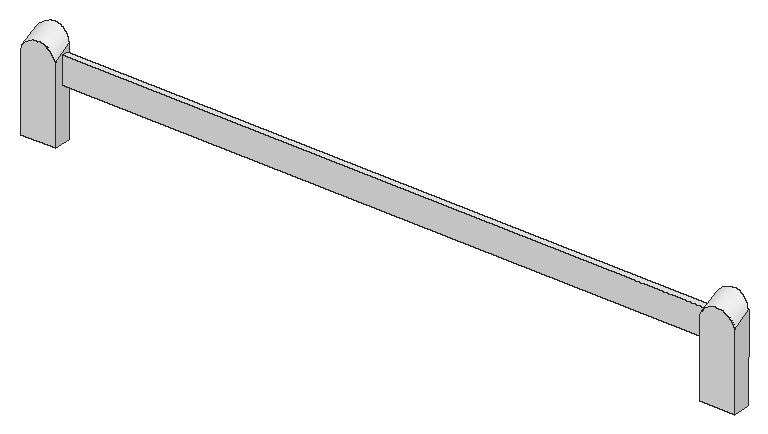
Revit family "Towel-Bar_Contemporary_Soiree_YB960_TOTO", category Furniture, host Face, Revit 2013
Parameters (values of type "YH784")
  ecoScorecard_data = " "
  ecoScorecard Product Page = "  "
  Width = 25.37402"  # constant formula
  Warranty URL = "http://www.totousa.com/warranty-registration"
  Warranty = "Lifetime Limited Warranty (Residential Use), One Year Limited (Commercial Use)"  # constant formula
  URL = "http://www.totousa.com"
  Toto BIM Number = "BM-00217"  # constant formula
  Subcategory = "Accessories"  # constant formula
  Style = "Contemporary"  # constant formula
  Spec Sheet URL = "http://assets.totousa.com/product-files/SS-00061_SOIREE%20ACCESSORIES.pdf"
  Shipping Weight = 2.00 lbf
  Series = "Soiree"  # constant formula
  Product Page URL = " "
  Parts Manual URL = " "
  Owners Manual URL = "  "
  Model = "YB960"  # constant formula
  Manufacturer Toll Free Phone = "1-888-295-8134"  # constant formula
  Manufacturer Phone = "(770) 282-8686 "  # constant formula
  Manufacturer Fax = "(770) 282-0002"  # constant formula
  Manufacturer Email = "mailto:custservice@totousa.com "
  Manufacturer Address = "1155 Southern Road, Morrow, Georgia 30260"  # constant formula
  Manufacturer = "TOTO USA, Inc."  # constant formula
  Height = 3/4"  # constant formula
  Finish = Metal - TOTO - Chrome - Polished
  Description = "Towel Bar"  # constant formula
  Depth = 3 1/2"  # constant formula
  Default Elevation = 48"
  Cost Info = "mailto:custservice@totousa.com "
  Color Availability = "#CP  Polished Chrome, #BN  Brushed Nickel, #PN  Polished Nickel"  # constant formula
  CAD Drawing URL = "http://assets.totousa.com/product-files/AD-00091_YB960.dxf"
  Assembly Code = "C1030200"
  95 CSI = "10800"
  04 CSI = "10 28 00"
Reference planes (in)
  plane 1 "Center (Front/Back)": y = 0
  plane 2: z = 0
  plane 3 "Center (Left/Right)": x = 0
  plane 4: x = -12.68701
  plane 5: x = 12.68701
  plane 6: x = -11.43504
  plane 7: x = 11.43504
  plane 8: z = 3.5
  plane 9: z = 2.84389
  plane 10: z = 1.89114
  plane 11: x = -12.06102
  plane 12: x = 12.06102
  plane 13: y = -0.37402
  plane 14: y = 0.37598
Dimensions and locks (in)
  "Width": plane 5 to plane 4
  equal spacing: plane 5, plane 3 "Center (Left/Right)", plane 4
  "Height": plane 13 to plane 14
  "Depth": plane 8 to plane 2
  locked: plane 9 to plane 10 at 0.95276
  locked: plane 10 to plane 2 at 1.89114
  aligned and locked: plane 2 to host face
  aligned and locked: level to host face
  aligned and locked: plane 3 "Center (Left/Right)" to nested 1
Automatic sketch dimensions
  host sketch curve to host sketch curve = 27.18043"
  host sketch curve to host sketch curve = 3.43432"
Nested families (in)
  nested 1: "YB960" at (0, 0, 0), type "YB960"
Definition of nested family "YB960"
  Parameters (values of type "YB960")
    ecoScorecard_data = ""
    ecoScorecard Product Page = ""
    Width = 25.37402"  # constant formula
    Warranty URL = "http://www.totousa.com/Support/WarrantyInformation.aspx"
    Warranty = "Lifetime Limited Warranty (Residential Use), One Year Limited (Commercial Use)"  # constant formula
    URL = "http://www.totousa.com"
    Toto BIM Number = "BM-00217"  # constant formula
    Subcategory = "Accessories"  # constant formula
    Style = "Contemporary"  # constant formula
    Spec Sheet URL = "http://www.totousa.com/Portals/0/ProductDownloads/SS-00061_SOIREE%20ACCESSORIES.pdf"
    Shipping Weight = 2.00 lbf
    Series = "Soiree"  # constant formula
    Product Page URL = "http://www.totousa.com/ProductDetail.aspx?ProductID=240"
    Parts Manual URL = "http://www.totousa.com/Portals/0/ProductDownloads/PD-00024_YB960.pdf"
    Owners Manual URL = "http://www.totousa.com/Portals/0/ProductDownloads/0GU4056_SOIREE_ACCESSORIES_PRINT_OM.pdf"
    Model = "YB960"  # constant formula
    Manufacturer Toll Free Phone = "1-888-295-8134"  # constant formula
    Manufacturer Phone = "(770) 282-8686 "  # constant formula
    Manufacturer Fax = "(770) 282-0002"  # constant formula
    Manufacturer Email = "mailto:custservice@totousa.com "
    Manufacturer Address = "1155 Southern Road, Morrow, Georgia 30260"  # constant formula
    Manufacturer = "TOTO USA, Inc."  # constant formula
    Height = 3/4"  # constant formula
    Finish = Metal - TOTO - Chrome - Polished
    Description = "Towel Bar"  # constant formula
    Depth = 3 1/2"  # constant formula
    Default Elevation = 48"
    Cost Info = "mailto:custservice@totousa.com "
    Color Availability = "#CP  Polished Chrome, #BN  Brushed Nickel, #PN  Polished Nickel"  # constant formula
    CAD Drawing URL = "http://www.totousa.com/Portals/0/ProductDownloads/AD-00091_YB960.dxf"
    Assembly Code = "C1030200"
    95 CSI = ""
    04 CSI = ""
  Reference planes (in)
    plane 1 "Center (Front/Back)": y = 0
    plane 2: z = 0
    plane 3 "Center (Left/Right)": x = 0
    plane 4: y = -0.11688
    plane 5: y = 0.11688
    plane 6: x = -12.68701
    plane 7: x = 12.68701
    plane 8: x = -11.43504
    plane 9: x = 11.43504
    plane 10: z = 3.5
    plane 11: z = 2.84389
    plane 12: z = 1.89114
    plane 13: x = -12.06102
    plane 14: x = 12.06102
    plane 15: y = -0.37402
    plane 16: y = 0.37598
  Forms (in)
    Extrusion 1, solid
      sketch origin (0, 0, 0) x (1, 0, 0) y (0, 1, 0)
        loop
          line (-13.68504, 1.88312) -> (-13.68504, -1.5512) -> (13.49539, -1.5512) -> (13.49539, 1.88312) -> (-13.68504, 1.88312)
      from 0 to -1.07691
    Extrusion 2, solid, material "Metal - TOTO - Chrome - Polished" <- "Finish", detail levels medium+fine
      sketch origin (0, 0.16493, -0.09373) x (1, 0, 0) y (0, 0, 1)
        loop
          line (-12.06102, 2.93762) -> (-12.06102, 1.98487) -> (12.06102, 1.98487) -> (12.06102, 2.93762) -> (-12.06102, 2.93762)
      from 0.04804 to 0.28181
    Blend 3, solid, material "Metal - TOTO - Chrome - Polished" <- "Finish", detail levels medium+fine
      base sketch origin (0, -0.32813, 92.27586) x (0, 0, 1) y (1, 0, 0)
        loop
          line (-92.27586, -12.68701) -> (-89.57113, -12.68701)
          arc (-89.57113, -12.68701) -> (-89.09476, -12.06102) -> (-89.57113, -11.43504) r 0.64948
          line (-89.57113, -11.43504) -> (-92.27586, -11.43504) -> (-92.27586, -12.68701)
      top sketch origin (0, -0.32813, 92.27586) x (0, 0, 1) y (1, 0, 0)
        loop
          line (-92.27586, -12.68701) -> (-89.13806, -12.68701)
          arc (-89.13806, -12.68701) -> (-88.7798, -12.06102) -> (-89.13806, -11.43504) r 0.72601
          line (-89.13806, -11.43504) -> (-92.27586, -11.43504) -> (-92.27586, -12.68701)
      from -0.04589 to 0.70214
    Extrusion 4, void
      sketch origin (0, 0, 0) x (1, 0, 0) y (0, 1, 0)
        loop
          arc (-12.68701, 0.22835) -> (-12.06102, 0.37402) -> (-11.43504, 0.22835) r 1.41785
          line (-11.43504, 0.22835) -> (-11.43504, 0.44442) -> (-12.68701, 0.44442) -> (-12.68701, 0.22835)
      from 0 to 3.5
    Blend 5, solid, material "Metal - TOTO - Chrome - Polished" <- "Finish", detail levels medium+fine
      base sketch origin (0, -0.32813, 92.27586) x (0, 0, 1) y (1, 0, 0)
        loop
          line (-92.27586, 12.68701) -> (-92.27586, 11.43504) -> (-89.57113, 11.43504)
          arc (-89.57113, 11.43504) -> (-89.09476, 12.06102) -> (-89.57113, 12.68701) r 0.64948
          line (-89.57113, 12.68701) -> (-92.27586, 12.68701)
      top sketch origin (0, -0.32813, 92.27586) x (0, 0, 1) y (1, 0, 0)
        loop
          line (-92.27586, 12.68701) -> (-92.27586, 11.43504) -> (-89.13806, 11.43504)
          arc (-89.13806, 11.43504) -> (-88.7798, 12.06102) -> (-89.13806, 12.68701) r 0.72601
          line (-89.13806, 12.68701) -> (-92.27586, 12.68701)
      from -0.04589 to 0.70214
    Extrusion 6, void
      sketch origin (0, 0, 0) x (-1, 0, 0) y (0, -1, 0)
        loop
          line (-12.68701, -0.22835) -> (-12.68701, -0.44442) -> (-11.43504, -0.44442) -> (-11.43504, -0.22835)
          arc (-11.43504, -0.22835) -> (-12.06102, -0.37402) -> (-12.68701, -0.22835) r 1.41785
      from 0 to 3.5
    Extrusion 7, solid, material "Metal - TOTO - Chrome - Polished" <- "Finish", detail levels coarse
      sketch origin (0, 0, 0) x (1, 0, 0) y (0, 1, 0)
        loop
          line (-12.68701, 0.37598) -> (-12.68701, -0.37402) -> (12.68701, -0.37402) -> (12.68701, 0.37598) -> (-12.68701, 0.37598)
      from 0 to 3.5
  Cuts and joins
    Extrusion 4, Extrusion 6 cuts Extrusion 2
    Extrusion 4, Extrusion 6 cuts Blend 3
    Extrusion 6 cuts Blend 5
    joined: Extrusion 2, Blend 3, Blend 5
  Lines and regions (in)
    symbolic lines, detail levels medium+fine
      curve 1: line (-11.43504, -0.32813, 1.89114) -> (-11.43504, -0.32813, 0)
      curve 6: line (-12.68701, -0.32813, 0) -> (-12.68701, -0.32813, 3.05346)
      curve 7: arc (-12.68701, -0.32813, 3.05346) -> (-12.06102, -0.32813, 3.50353) -> (-11.43504, -0.32813, 3.05346) r 0.66036
      curve 8: line (-12.68701, -0.32813, 0) -> (-11.43504, -0.32813, 0)
      curve 9: line (12.68701, -0.32813, 0) -> (12.68701, -0.32813, 3.05346)
      curve 10: arc (12.68701, -0.32813, 3.05346) -> (12.06102, -0.32813, 3.50353) -> (11.43504, -0.32813, 3.05346) r 0.66036
      curve 11: line (12.68701, -0.32813, 0) -> (11.43504, -0.32813, 0)
      curve 12: line (-11.43504, -0.32813, 3.05346) -> (-11.43504, -0.32813, 2.84389)
      curve 13: line (11.43504, -0.32813, 1.89114) -> (11.43504, -0.32813, 0)
      curve 14: line (11.43504, -0.32813, 3.05346) -> (11.43504, -0.32813, 2.84389)
      curve 15: line (-11.43504, -0.32813, 2.84389) -> (11.43504, -0.32813, 2.84389)
      curve 16: line (11.43504, -0.32813, 1.89114) -> (-11.43504, -0.32813, 1.89114)
      curve 23: line (0, 0.37402, 3.49606) -> (0, -0.37402, 3.17854)
      curve 29: line (-12.68701, 0.22835, 0) -> (-12.68701, -0.37402, 0)
      curve 30: line (-12.68701, -0.37402, 0) -> (-11.43504, -0.37402, 0)
      curve 31: line (-11.43504, -0.37402, 0) -> (-11.43504, -0.11688, 0)
      curve 32: arc (-11.43504, 0.22835, 0) -> (-12.06102, 0.37402, 0) -> (-12.68701, 0.22835, 0) r 1.41785
      curve 33: line (12.68701, 0.22835, 0) -> (12.68701, -0.37402, 0)
      curve 34: line (12.68701, -0.37402, 0) -> (11.43504, -0.37402, 0)
      curve 35: line (11.43504, -0.37402, 0) -> (11.43504, -0.11688, 0)
      curve 36: arc (11.43504, 0.22835, 0) -> (12.06102, 0.37402, 0) -> (12.68701, 0.22835, 0) r 1.41785
      curve 37: line (-11.43504, 0.11688, 0) -> (-11.43504, 0.22835, 0)
      curve 38: line (11.43504, 0.11688, 0) -> (11.43504, 0.22835, 0)
      curve 39: line (11.43504, 0.11688, 0) -> (-11.43504, 0.11688, 0)
      curve 41: line (-11.43504, -0.11688, 0) -> (11.43504, -0.11688, 0)
    symbolic lines, detail levels coarse
      curve 2: line (-12.68701, -0.32813, 3.5) -> (-12.68701, -0.32813, 0)
      curve 3: line (-12.68701, -0.32813, 3.5) -> (12.68701, -0.32813, 3.5)
      curve 4: line (-12.68701, -0.32813, 0) -> (12.68701, -0.32813, 0)
      curve 5: line (12.68701, -0.32813, 3.5) -> (12.68701, -0.32813, 0)
      curve 19: line (0, 0.37402, 3.49606) -> (0, -0.37402, 3.49606)
      curve 22: line (0, -0.37402, 3.49606) -> (0, -0.37402, 3.17854)
      curve 25: line (-12.68701, 0.37598, 0) -> (12.68701, 0.37598, 0)
      curve 26: line (-12.68701, -0.37402, 0) -> (-12.68701, 0.37598, 0)
      curve 27: line (12.68701, -0.37402, 0) -> (-12.68701, -0.37402, 0)
      curve 28: line (12.68701, 0.37598, 0) -> (12.68701, -0.37402, 0)
    symbolic lines, detail levels fine
      curve 17: line (-11.43504, -0.32813, 1.89114) -> (-11.43504, -0.32813, 2.84389)
      curve 18: line (11.43504, -0.32813, 1.89114) -> (11.43504, -0.32813, 2.84389)
      curve 40: line (11.43504, -0.11688, 0) -> (11.43504, 0.11688, 0)
      curve 42: line (-11.43504, 0.11688, 0) -> (-11.43504, -0.11688, 0)
    symbolic lines
      curve 20: line (0, 0.37402, 0) -> (0, 0.37402, 3.49606)
      curve 21: line (0, -0.37402, 0) -> (0, 0.37402, 0)
      curve 24: line (0, -0.37402, 3.17854) -> (0, -0.37402, 0)
  Dimensions and locks (in)
    "Width": plane 7 to plane 6
    equal spacing: plane 7, plane 3 "Center (Left/Right)", plane 6
    locked: Blend 5 sketch curve to level at 0  (x2)
    locked: plane 14 to Blend 5 sketch curve at 0  (x2)
    locked: plane 9 to Blend 5 sketch curve at 0  (x2)
    locked: plane 7 to Blend 5 sketch curve at 0  (x2)
    locked: Blend 5 sketch curve to plane 11 at 0.31227
    locked: Blend 5 sketch curve to plane 11 at 0.13917
    locked: Blend 5 sketch curve to plane 11 at 0.07384
    locked: plane 11 to Blend 5 sketch curve at 0.2939
    locked: Extrusion 6 sketch curve to plane 7 at 0
    locked: Extrusion 6 sketch curve to plane 14 at 0
    locked: Extrusion 6 sketch curve to plane 9 at 0
    locked: plane 15 to Extrusion 6 sketch curve at 0.66982
    locked: plane 5 to Extrusion 6 sketch curve at 0.11147
    locked: plane 16 to Extrusion 6 sketch curve at 0.06844
    "Height": plane 15 to plane 16
    locked: plane 4 to plane 5 at 0.23376
    equal spacing: plane 4, plane 1 "Center (Front/Back)", plane 5
    "Depth": plane 10 to plane 2
    locked: plane 11 to plane 12 at 0.95276
    locked: plane 12 to plane 2 at 1.89114
    aligned and locked: plane 2 to Extrusion 1
    aligned and locked: level to Extrusion 1
    aligned and locked: Extrusion 2 to plane 5
    aligned and locked: Extrusion 2 to plane 4
    aligned and locked: plane 11 to Extrusion 2
    aligned and locked: plane 12 to Extrusion 2
    aligned and locked: Extrusion 2 to plane 13
    aligned and locked: Extrusion 2 to plane 14
    aligned and locked: Blend 3 to plane 15
    aligned and locked: plane 10 to Extrusion 4
    aligned and locked: Extrusion 4 to level
    aligned and locked: plane 10 to Extrusion 6
    aligned and locked: plane 16 to Extrusion 7 sketch curve
    aligned and locked: Extrusion 7 sketch curve to plane 15
    aligned and locked: Extrusion 7 sketch curve to plane 6
    aligned and locked: plane 6 to curve 2
    aligned and locked: plane 10 to curve 3
    aligned and locked: level to curve 4
    aligned and locked: curve 5 to plane 7
  Automatic sketch dimensions
    Extrusion 1 sketch curve to Extrusion 1 sketch curve = 27.18043"
    Extrusion 1 sketch curve to Extrusion 1 sketch curve = 3.43432"
    Extrusion 7 sketch curve to plane 7 = 0"
    curve 22 to plane 15 = 0"
    curve 20 to level = 0"
    plane 16 to curve 23 = 0.00197"
    curve 23 to plane 10 = 0.32146"
    curve 23 to plane 10 = 0.00394"
    Extrusion 2 sketch curve to plane 12 = 0"
    Extrusion 2 sketch curve to plane 13 = 0"
    plane 14 to Extrusion 2 sketch curve = 0"
    Extrusion 2 sketch curve to plane 11 = 0"
    plane 9 to curve 13 = 0"
    curve 13 to plane 12 = 0"
    curve 7 to plane 13 = 0"
    plane 14 to curve 10 = 0"
    curve 14 to plane 11 = 0"
    curve 12 to plane 8 = 0"
    curve 7 to plane 11 = 0.00073"
    curve 10 to plane 11 = 0.00073"
    plane 11 to curve 7 = 0.20957"
    curve 14 to curve 14 = 0.20957"
    Blend 3 sketch curve to level = 0"  (x2)
    Blend 3 sketch curve to plane 13 = 0"  (x2)
    Blend 3 sketch curve to plane 8 = 0"  (x2)
    Blend 3 sketch curve to plane 6 = 0"  (x2)
    Blend 3 sketch curve to plane 11 = 0.31227"
    Blend 3 sketch curve to plane 11 = 0.13917"
    Blend 3 sketch curve to plane 11 = 0.07384"
    plane 11 to Blend 3 sketch curve = 0.2939"
    Extrusion 4 sketch curve to plane 6 = 0"
    Extrusion 4 sketch curve to plane 13 = 0"
    Extrusion 4 sketch curve to plane 8 = 0"
    Extrusion 4 sketch curve to plane 15 = 0.66982"
    Extrusion 4 sketch curve to plane 5 = 0.11147"
    Extrusion 4 sketch curve to plane 16 = 0.06844"
    curve 25 to plane 6 = 0"
    curve 32 to plane 13 = 0"
    curve 42 to plane 8 = 0"
    curve 34 to plane 9 = 0"
    curve 36 to plane 14 = 0"
    curve 28 to plane 7 = 0"
    curve 35 to plane 15 = 0"
    curve 35 to plane 4 = 0"
    plane 5 to curve 37 = 0"
    plane 16 to curve 25 = 0"
    curve 36 to plane 15 = 0.66982"
    curve 32 to plane 15 = 0.66982"
    curve 37 to plane 5 = 0.11147"
    curve 38 to plane 5 = 0.11147"
